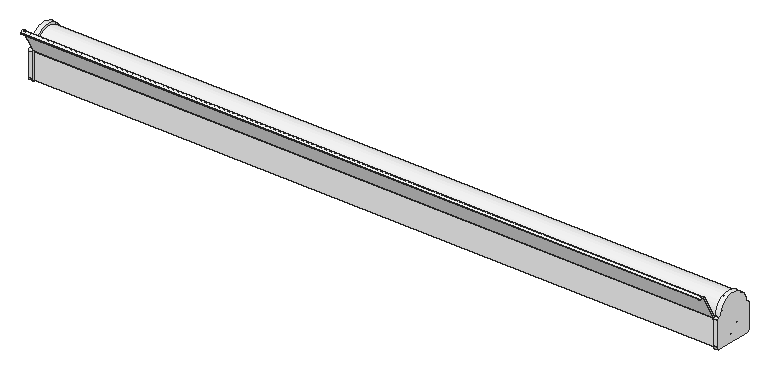
Revit family "0045185+0045234 Feilo Sylvania Lighting Fixture SYLBATTEN LED5-5 6000K TP3 with ASYMMETRIC REFLECTOR ACCESSORY 1200MM", category Lighting Fixtures, host Face, Revit 2017
Family settings
  Host = Face
  Round Connector Dimension = Use Diameter
  Part Type = Normal
  OmniClass Number = 23.80.70.00
  OmniClass Title = Lighting
  Cut with Voids When Loaded = No
  Light Source = Yes
  Shared = No
  Room Calculation Point = No
Parameters (values of type "0045185 SYLBATTEN LED5.5 6000K TP3")
  Width_FEILO = 66 mm
  Weight = "2.558 kg"
  Wattage Comments = "n/a"
  Wattage = 53 W
  WarrantyStartDate [instance] = "n/a"
  WarrantyGuarantorParts = "n/a"
  WarrantyDurationUnit = "n/a"
  WarrantyDurationParts = "n/a"
  WarrantyDescription = "n/a"
  built-in parameter 1150110 = 1 (stored number, unit not read)
  Voltage = 230 V
  URL = "http://www.sylvania-lighting.com"
  TypeName = "SYLBATTEN LED5.5 6000K TP3"
  Type Image = <None>
  Type Comments = "n/a"
  built-in parameter 1114217 = 1 (stored number, unit not read)
  Tilt Angle = -90.00°
  built-in parameter 1150109 = 1 (stored number, unit not read)
  built-in parameter 1150134 = 5
  SymReflector_FEILO = no
  built-in parameter 1150113 = 1 (stored number, unit not read)
  SerialNumber [instance] = "n/a"
  PowerFactor = 0
  PowerConsumption = "53 W"
  Photometric Web File = "0045185+0045234.ies"
  NominalLength = 1205 mm
  NominalHeight = 91 mm
  NominalDepth = 122 mm
  Name = "SYLBATTEN LED5.5 6000K TP3"
  ModelReference = Name  # "SYLBATTEN LED5.5 6000K TP3"
  ModelNumber = "0045185"
  Model = Name  # "SYLBATTEN LED5.5 6000K TP3"
  Material_4_FEILO = Reflector-Sylvania-Sylbatten-White
  Material_3_FEILO = Diffuser-Sylvania-Sylbatten-Glow
  Material_2_FEILO = Body-Sylvania-Sylbatten-White
  Material_1_FEILO = Body-Sylvania-Sylbatten-White
  Material = "sheet steel housing, polycarbonate diffuser"
  ManufacturerName = "Feilo Sylvania"
  Manufacturer = "Feilo Sylvania"
  LuminousEfficacy = "111 lm/W"
  built-in parameter 1150105 = 468.15 (stored number, unit not read)
  Lumens = 5883 lm
  LuminaireType = ""
  built-in parameter 1150115 = 1 (stored number, unit not read)
  LightOutputRatio = "100"
  built-in parameter 1150137 = (empty or 0)
  built-in parameter 1150139 = (empty or 0)
  Length_FEILO = 1205 mm
  LampsType = Lamp  # "LED"
  LampNominalLuminous = "5883 lm"
  LampMacAdamStep = "n/a"
  LampColourTemperature = "6000 K"
  LampColourRenderingIndex = "80"
  built-in parameter 1150112 = 1 (stored number, unit not read)
  built-in parameter 1150114 = 1 (stored number, unit not read)
  Lamp = "LED"
  Keynote = "16500"
  InstallationDate [instance] = "n/a"
  InputVoltage = "220-240V~"
  InputNominalFrequency = "n/a"
  built-in parameter 1150132 = (empty or 0)
  built-in parameter 1150102 = (empty or 0)
  built-in parameter 1150107 = 6000 (stored number, unit not read)
  built-in parameter 1150138 = (empty or 0)
  IngressProtection = "IP20"
  ImpactProtectionIndex = "IK07"
  built-in parameter 1150106 = 4.6815 (stored number, unit not read)
  IfcExportType = "IfcLightFixtureType"
  IfcExportAs = "IfcLightFixtureType"
  Height_FEILO = 76 mm
  ExpectedLife = 50000
  Emit from Rectangle Width = Length_FEILO - 16 mm  # 1189 mm
  Emit from Rectangle Length = Width_FEILO - 40 mm  # 26 mm
  Emit Shape Visible in Rendering = no
  ElectricShockClassification = "Class I"
  built-in parameter 1150104 = 10.312 (stored number, unit not read)
  DurationUnit = "hours"
  DocumentationLiterature = "http://www.sylvania-lighting.com/product/en-int/products/0045185"
  DimmingControlOptions = "n/a"
  Dimming Lamp Color Temperature Shift = <None>
  Description = "LED batten, T8 replacement, ease of installation through 2 part push-in design of the housing (safety cable included), through wiring capability (TP3 = 3 core), sheet steel, 5883M, 53W, 111lm/W, 6000K, drive current: 350mA, CRI 80, 138° wide beam angle, electronic driver (non dimmable), IP20, IK07, 50,000 hrs (L70), (LxWxH) 1205x66x76mm, 5 step MacAdam ellipse, 3kg, white RAL 9016, Class 1, 220-240V, energy class: A++, A+, A."
  Default Elevation = 1219.2 mm
  CreatedOn = "1/25/2018"
  CreatedBy = ""
  Cost = 0
  Color Filter = 16777215
  built-in parameter 1114216 [instance] = (empty or 0)
  ClassificationValue = "EF_70_80"
  ClassificationName = "Uniclass2015"
  CapOffset_FEILO = 2 mm
  BarCode [instance] = "n/a"
  built-in parameter 1114218 = 1 (stored number, unit not read)
  BackReflector_FEILO = and(not(AsymReflector_FEILO), SymReflector_FEILO)  # no
  built-in parameter 1150133 = 10 (stored number, unit not read)
  FrontReflector_FEILO = or(AsymReflector_FEILO, SymReflector_FEILO)  # yes
  AsymReflector_FEILO = yes
  AssetType = "Fixed"
  AssetIdentifier [instance] = "n/a"
  Assembly Code = "D5020200"
  Apparent Load = 53 VA
Reference planes
  plane 1 "Center (Front/Back)": y = 0
  plane 2: z = 0
  plane 3 "Center (Left/Right)": x = 0
  plane 4: x = 602.5
  plane 5: x = -602.5
  plane 6: y = 33
  plane 7: y = -33
  plane 8: z = 76
  plane 9: z = 47
  plane 10: y = -29
  plane 11: y = 29
  plane 12: z = 20
  plane 13: z = 74
  plane 14: y = -31
  plane 15: y = -27
  plane 16: y = 27
  plane 17: y = 31
  plane 18: z = 2
  plane 19: x = -594.5
  plane 20: x = 594.5
  plane 21: z = 49
  plane 22: y = 1
  plane 23: y = -1
  plane 24: z = 21
  plane 25: z = 19
  plane 26: y = -61
  plane 27: y = 61
  plane 28: y = -56
  plane 29: y = 56
  plane 30: z = 91
  plane 31: z = 88
Forms (mm)
  Extrusion 1, solid, material "Body-Sylvania-Sylbatten-White" <- "Material_2_FEILO"
    sketch origin (0, 0, 0) x (0, 1, 0) y (0, 0, 1)
      loop
        line (-31, 2) -> (31, 2) -> (31, 45)
        arc (31, 45) -> (30.414, 46.414) -> (29, 47) r 2
        line (29, 47) -> (27, 47)
        arc (27, 47) -> (0, 74) -> (-27, 47) r 27
        line (-27, 47) -> (-29, 47)
        arc (-29, 47) -> (-30.414, 46.414) -> (-31, 45) r 2
        line (-31, 45) -> (-31, 2)
    from -594.5 to 594.5
  Extrusion 2, solid, material "Body-Sylvania-Sylbatten-White" <- "Material_2_FEILO"
    sketch origin (602.5, 1524, 1219.2) x (0, 1, 0) y (0, 0, 1)
      loop
        arc (-1494, -1219.2) -> (-1491.879, -1218.321) -> (-1491, -1216.2) r 3
        line (-1491, -1216.2) -> (-1491, -1173.2)
        arc (-1491, -1173.2) -> (-1491.879, -1171.079) -> (-1494, -1170.2) r 3
        line (-1494, -1170.2) -> (-1495.069, -1170.2)
        arc (-1495.069, -1170.2) -> (-1524, -1143.2) -> (-1552.931, -1170.2) r 29
        line (-1552.931, -1170.2) -> (-1554, -1170.2)
        arc (-1554, -1170.2) -> (-1556.121, -1171.079) -> (-1557, -1173.2) r 3
        line (-1557, -1173.2) -> (-1557, -1216.2)
        arc (-1557, -1216.2) -> (-1556.121, -1218.321) -> (-1554, -1219.2) r 3
        line (-1554, -1219.2) -> (-1494, -1219.2)
      loop
        arc (-1525, -1189.25) -> (-1531.071, -1192.129) -> (-1533.95, -1198.2) r 10
        line (-1533.95, -1198.2) -> (-1532.944, -1198.2)
        arc (-1532.944, -1198.2) -> (-1530.364, -1192.836) -> (-1525, -1190.256) r 9
        line (-1525, -1190.256) -> (-1525, -1189.25)
      loop
        arc (-1523, -1190.256) -> (-1517.636, -1192.836) -> (-1515.056, -1198.2) r 9
        line (-1515.056, -1198.2) -> (-1514.05, -1198.2)
        arc (-1514.05, -1198.2) -> (-1516.929, -1192.129) -> (-1523, -1189.25) r 10
        line (-1523, -1189.25) -> (-1523, -1190.256)
      loop
        line (-1532.944, -1200.2) -> (-1533.95, -1200.2)
        arc (-1533.95, -1200.2) -> (-1531.071, -1206.271) -> (-1525, -1209.15) r 10
        line (-1525, -1209.15) -> (-1525, -1208.144)
        arc (-1525, -1208.144) -> (-1530.364, -1205.564) -> (-1532.944, -1200.2) r 9
      loop
        arc (-1515.056, -1200.2) -> (-1517.636, -1205.564) -> (-1523, -1208.144) r 9
        line (-1523, -1208.144) -> (-1523, -1209.15)
        arc (-1523, -1209.15) -> (-1516.929, -1206.271) -> (-1514.05, -1200.2) r 10
        line (-1514.05, -1200.2) -> (-1515.056, -1200.2)
    from 0 to -8
  Extrusion 3, solid, material "Body-Sylvania-Sylbatten-White" <- "Material_2_FEILO"
    sketch origin (-602.5, 1524, 1219.2) x (0, 1, 0) y (0, 0, 1)
      loop
        arc (-1495.069, -1170.2) -> (-1524, -1143.2) -> (-1552.931, -1170.2) r 29
        line (-1552.931, -1170.2) -> (-1554, -1170.2)
        arc (-1554, -1170.2) -> (-1556.121, -1171.079) -> (-1557, -1173.2) r 3
        line (-1557, -1173.2) -> (-1557, -1216.2)
        arc (-1557, -1216.2) -> (-1556.121, -1218.321) -> (-1554, -1219.2) r 3
        line (-1554, -1219.2) -> (-1494, -1219.2)
        arc (-1494, -1219.2) -> (-1491.879, -1218.321) -> (-1491, -1216.2) r 3
        line (-1491, -1216.2) -> (-1491, -1173.2)
        arc (-1491, -1173.2) -> (-1491.879, -1171.079) -> (-1494, -1170.2) r 3
        line (-1494, -1170.2) -> (-1495.069, -1170.2)
      loop
        line (-1533.95, -1198.2) -> (-1532.944, -1198.2)
        arc (-1532.944, -1198.2) -> (-1530.364, -1192.836) -> (-1525, -1190.256) r 9
        line (-1525, -1190.256) -> (-1525, -1189.25)
        arc (-1525, -1189.25) -> (-1531.071, -1192.129) -> (-1533.95, -1198.2) r 10
      loop
        line (-1523, -1189.25) -> (-1523, -1190.256)
        arc (-1523, -1190.256) -> (-1517.636, -1192.836) -> (-1515.056, -1198.2) r 9
        line (-1515.056, -1198.2) -> (-1514.05, -1198.2)
        arc (-1514.05, -1198.2) -> (-1516.929, -1192.129) -> (-1523, -1189.25) r 10
      loop
        line (-1514.05, -1200.2) -> (-1515.056, -1200.2)
        arc (-1515.056, -1200.2) -> (-1517.636, -1205.564) -> (-1523, -1208.144) r 9
        line (-1523, -1208.144) -> (-1523, -1209.15)
        arc (-1523, -1209.15) -> (-1516.929, -1206.271) -> (-1514.05, -1200.2) r 10
      loop
        line (-1525, -1209.15) -> (-1525, -1208.144)
        arc (-1525, -1208.144) -> (-1530.364, -1205.564) -> (-1532.944, -1200.2) r 9
        line (-1532.944, -1200.2) -> (-1533.95, -1200.2)
        arc (-1533.95, -1200.2) -> (-1531.071, -1206.271) -> (-1525, -1209.15) r 10
    from 0 to 8
  Extrusion 4, solid, material "Reflector-Sylvania-Sylbatten-White" <- "Material_4_FEILO", visible <- "FrontReflector_FEILO"
    sketch origin (0, 0, 0) x (0, 1, 0) y (0, 0, 1)
      loop
        line (-61.257, 88.429) -> (-60.743, 87.571) -> (-56.621, 90.044)
        arc (-56.621, 90.044) -> (-56.237, 90.099) -> (-55.929, 89.863) r 0.5
        line (-55.929, 89.863) -> (-31.435, 46.753) -> (-30.565, 47.247) -> (-55.312, 90.802)
        arc (-55.312, 90.802) -> (-55.928, 91.275) -> (-56.696, 91.165) r 1
        line (-56.696, 91.165) -> (-61.257, 88.429)
    from -594.5 to 594.5
  Extrusion 5, solid, material "Reflector-Sylvania-Sylbatten-White" <- "Material_4_FEILO", visible <- "BackReflector_FEILO"
    sketch origin (0, 0, 0) x (0, 1, 0) y (0, 0, 1)
      loop
        line (30.565, 47.247) -> (31.435, 46.753) -> (55.932, 89.868)
        arc (55.932, 89.868) -> (56.245, 90.112) -> (56.638, 90.062) r 0.518
        line (56.638, 90.062) -> (61.033, 87.565) -> (61.527, 88.435) -> (56.682, 91.188)
        arc (56.682, 91.188) -> (55.922, 91.282) -> (55.318, 90.812) r 1
        line (55.318, 90.812) -> (30.565, 47.247)
    from -594.5 to 594.5
Lines and regions (mm)
  reference lines
    curve 1: line (0, -61, 88) -> (0, -56, 91)
    curve 2: line (0, -56, 91) -> (0, -31, 47)
    curve 3: line (0, 31, 47) -> (0, 56, 91)
    curve 4: line (0, 56, 91) -> (0, 61.28, 88)
Dimensions and locks
  equal spacing: plane 5, plane 3 "Center (Left/Right)", plane 4
  equal spacing: plane 7, plane 1 "Center (Front/Back)", plane 6
  "Width_FEILO": plane 7 to plane 6
  "Length_FEILO": plane 5 to plane 4
  "Height_FEILO": plane 8 to plane 2
  locked: plane 9 to plane 8 at 29
  equal spacing: plane 10, plane 1 "Center (Front/Back)", plane 11
  locked: plane 7 to plane 10 at 4
  locked: plane 12 to plane 2 at 20
  "CapOffset_FEILO": plane 13 to plane 8
  "CapOffset_FEILO": plane 7 to plane 14
  "CapOffset_FEILO": plane 10 to plane 15
  "CapOffset_FEILO": plane 17 to plane 6
  "CapOffset_FEILO": plane 16 to plane 11
  "CapOffset_FEILO": plane 18 to plane 2
  locked: plane 14 to Extrusion 1 sketch curve at 2
  locked: Extrusion 1 sketch curve to plane 9 at 2  (x2)
  locked: plane 16 to Extrusion 1 sketch curve at 2
  equal spacing: plane 19, plane 3 "Center (Left/Right)", plane 20
  locked: plane 5 to plane 19 at 8
  "CapOffset_FEILO": plane 9 to plane 21
  locked: Extrusion 2 sketch curve to plane 2 at 47
  locked: Extrusion 1 sketch curve to plane 2 at 47
  locked: Extrusion 2 sketch curve to plane 2 at 3  (x2)
  locked: plane 7 to Extrusion 2 sketch curve at 3  (x2)
  locked: Extrusion 2 sketch curve to plane 6 at 3  (x2)
  locked: Extrusion 2 sketch curve to plane 21 at 3  (x2)
  equal spacing: plane 23, plane 1 "Center (Front/Back)", plane 22
  equal spacing: plane 25, plane 12, plane 24
  plane 30 to plane 31 to plane 2 = 3 mm locked, 88 mm locked
  plane 28 to plane 29 = 112 mm
  plane 26 to plane 27 = 122 mm
  aligned and locked: plane 2 to host face
  aligned and locked: level to host face
  aligned and locked: plane 18 to Extrusion 1 sketch curve
  aligned and locked: plane 14 to Extrusion 1 sketch curve
  aligned and locked: Extrusion 1 sketch curve to plane 9  (x2)
  aligned and locked: Extrusion 1 sketch curve to plane 17
  aligned and locked: plane 15 to Extrusion 1 sketch curve
  aligned and locked: plane 16 to Extrusion 1 sketch curve
  aligned and locked: plane 9 to Extrusion 1 sketch curve
  aligned and locked: plane 20 to Extrusion 1
  aligned and locked: level to Extrusion 2 sketch curve
  aligned and locked: Extrusion 2 sketch curve to plane 7
  aligned and locked: plane 21 to Extrusion 2 sketch curve
  aligned and locked: Extrusion 2 sketch curve to plane 21
  aligned and locked: plane 1 "Center (Front/Back)" to Extrusion 2 sketch curve  (x3)
  aligned and locked: Extrusion 2 to Extrusion 1
  aligned and locked: plane 4 to Extrusion 2
  aligned and locked: plane 12 to Extrusion 2 sketch curve  (x2)
  aligned and locked: Extrusion 2 sketch curve to plane 22
  aligned and locked: Extrusion 2 sketch curve to plane 23
  aligned and locked: Extrusion 2 sketch curve to plane 24
  aligned and locked: Extrusion 2 sketch curve to plane 25
  aligned and locked: plane 25 to Extrusion 2 sketch curve
  aligned and locked: plane 22 to Extrusion 2 sketch curve
  aligned and locked: plane 24 to Extrusion 2 sketch curve
  aligned and locked: plane 23 to Extrusion 2 sketch curve  (x2)
  aligned and locked: Extrusion 3 sketch curve to Extrusion 2  (x22)
  aligned and locked: Extrusion 3 to Extrusion 1
  aligned and locked: Extrusion 3 to plane 5
  aligned and locked: plane 19 to Extrusion 3
  aligned and locked: plane 31 to curve 1
  aligned and locked: plane 30 to curve 1
  aligned and locked: plane 14 to curve 2
  aligned and locked: plane 9 to curve 2
  aligned and locked: plane 17 to curve 3
  aligned and locked: plane 30 to curve 3
  aligned and locked: plane 31 to curve 4
  aligned and locked: Extrusion 4 sketch curve to curve 2
  aligned and locked: Extrusion 4 sketch curve to curve 1
  aligned and locked: Extrusion 4 to Extrusion 1
  aligned and locked: Extrusion 1 to Extrusion 4
  aligned and locked: imposter light to plane 1 "Center (Front/Back)"
  aligned and locked: imposter light to plane 3 "Center (Left/Right)"
  aligned and locked: imposter light to plane 13
  aligned and locked: Extrusion 5 sketch curve to curve 4
  aligned and locked: Extrusion 5 sketch curve to curve 3
  aligned and locked: Extrusion 1 to Extrusion 5
  aligned and locked: Extrusion 5 to Extrusion 1
Automatic sketch dimensions
  host sketch curve to host sketch curve = 2438.4 mm  (x2)
  Extrusion 2 sketch curve to Extrusion 2 sketch curve = 0 mm  (x14)
  Extrusion 2 sketch curve to plane 10 = 0.069 mm
  plane 23 to Extrusion 2 sketch curve = 8.95 mm
  Extrusion 2 sketch curve to Extrusion 2 sketch curve = 1.006 mm  (x4)
  Extrusion 2 sketch curve to plane 22 = 7.944 mm
  curve 1 to plane 26 = 0 mm
  curve 2 to plane 28 = 0 mm
  curve 4 to plane 29 = 0 mm
  plane 9 to curve 3 = 0 mm
  plane 26 to Extrusion 4 sketch curve = 0.257 mm
  Extrusion 4 sketch curve to plane 26 = 0.257 mm
  Extrusion 4 sketch curve to plane 30 = 0.165 mm
  plane 28 to Extrusion 4 sketch curve = 0.696 mm
  plane 28 to Extrusion 4 sketch curve = 0.621 mm
  plane 28 to Extrusion 4 sketch curve = 0.364 mm
  plane 28 to Extrusion 4 sketch curve = 0.182 mm
  Extrusion 4 sketch curve to plane 28 = 0.071 mm
  plane 30 to Extrusion 4 sketch curve = 0.198 mm
  Extrusion 4 sketch curve to plane 28 = 0.688 mm
  plane 9 to Extrusion 4 sketch curve = 0.247 mm
  plane 1 "Center (Front/Back)" to Extrusion 4 sketch curve = 31.435 mm
  Extrusion 5 sketch curve to plane 9 = 0.247 mm
  Extrusion 5 sketch curve to plane 1 "Center (Front/Back)" = 30.565 mm
  plane 9 to Extrusion 5 sketch curve = 0.247 mm
  plane 30 to Extrusion 5 sketch curve = 0.188 mm
  plane 29 to Extrusion 5 sketch curve = 0.068 mm
  Extrusion 5 sketch curve to plane 29 = 0.188 mm
  Extrusion 5 sketch curve to plane 29 = 0.382 mm
  Extrusion 5 sketch curve to Extrusion 5 sketch curve = 0.256 mm
  Extrusion 5 sketch curve to plane 30 = 0.188 mm
  Extrusion 5 sketch curve to plane 29 = 0.682 mm
  Extrusion 5 sketch curve to plane 27 = 0.033 mm
  Extrusion 5 sketch curve to plane 27 = 0.527 mm
Connectors
  electrical at (0, 0, 0), driven by "Apparent Load", driven by "PowerFactor", driven by "Voltage"
    settings: index 1, voltage 230 V, apparent load 53 VA, apparent load phase1 0 VA, apparent load phase2 0 VA, apparent load phase3 0 VA, power factor 0, load classification "Lighting", number of poles 1, system type 30, power factor state 1, is connector primary yes, connector utility no, sub classification motor no, connector description ""
